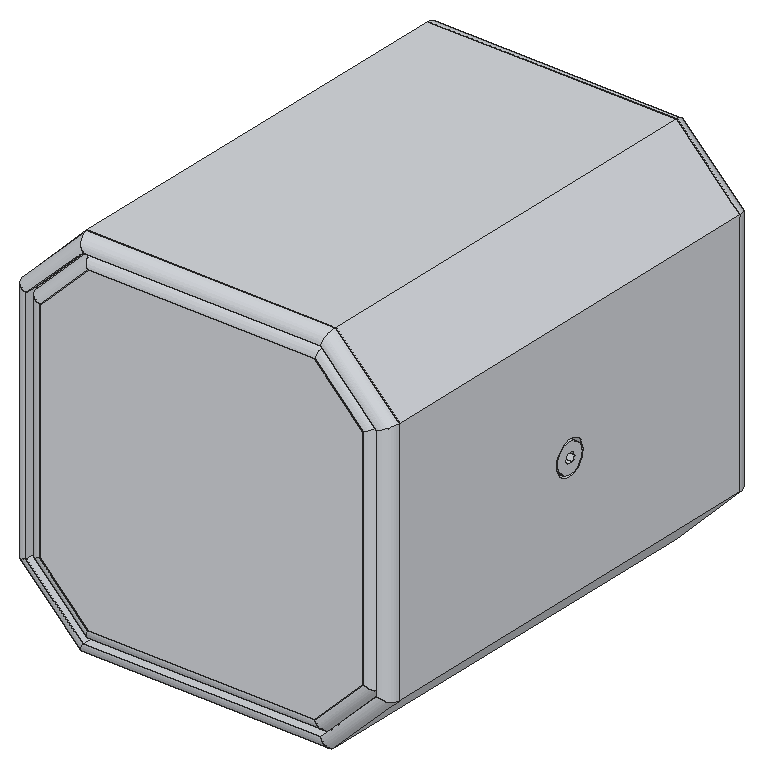
Revit family "1 SOUND_Cannon Series Freestanding", category Communication Devices, Revit 2020
Family settings
  Maintain Annotation Orientation = No
  Round Connector Dimension = Use Diameter
  Part Type = Normal
  Work Plane-Based = Yes
  Always vertical = No
  Cut with Voids When Loaded = No
  Shared = No
  Room Calculation Point = No
Parameters (values of type "C4i")
  Weight = "5.1 lb / 2.3 kg"
  URL = "https://www.1-sound.com/cannon-coaxials"
  Speaker Model = 1 SOUND_Cannon_C4i : C4i
  Speaker Mesh Finish [instance] = none
  Speaker Box Finish [instance] = none
  Rigging = "(4) M6 points"  # constant formula
  Power = "200 watts (continuous), 100 watts (AES)"
  Model = "C4i"
  Manufacturer = "1 SOUND"  # constant formula
  Impedance = "8Ω"
  Dimensions (HxWxD) = "5.9” (150 mm) x 5.9” (150 mm) x 7” (180 mm)"
  Default Elevation = 2438.4 mm  # constant formula
  Construction = "Finland birch plywood (phenolic glue), polyurea, clear matte salt and UV resistant coating, 316 stainless steel hardware, 3D spacer mesh fabric"  # constant formula
  Connectors = "(1) screw terminal block with input +/- and loop +/-"
  Category = "Speaker"  # constant formula
  Bandwidth = "100 Hz - 18 kHz (-6 dB)"
Types (5, lengths in mm): name | Weight | Speaker Model | Power | Model | Impedance | Dimensions (HxWxD) | Connectors | Bandwidth
  C4i | "5.1 lb / 2.3 kg" | 1 SOUND_Cannon_C4i : C4i | "200 watts (continuous), 100 watts (AES)" | "C4i" | "8Ω" | "5.9” (150 mm) x 5.9” (150 mm) x 7” (180 mm)" | "(1) screw terminal block with input +/- and loop +/-" | "100 Hz - 18 kHz (-6 dB)"
  C5i | "9.4 lb / 4.3 kg" | 1 SOUND_Cannon_C5 : C5i | "240 watts (continuous), 120 watts (AES)" | "C5i" | "16Ω" | "7.5” (190 mm) x 7.5” (190 mm) x 8.2” (208 mm)" | "(1) screw terminal block with input +/- and loop +/-" | "65 Hz - 18 kHz (-6 dB)"
  C5 | "9.4 lb / 4.3 kg" | 1 SOUND_Cannon_C5 : C5 | "240 watts (continuous), 120 watts (AES)" | "C5" | "16Ω" | "7.5” (190 mm) x 7.5” (190 mm) x 8.2” (208 mm)" | "(2) NL4, 2-circuit switch" | "65 Hz - 18 kHz (-6 dB)"
  C6i | "10.6 lb / 4.8 kg" | 1 SOUND_Cannon_C6 : C6i | "240 watts (continuous), 120 watts (AES)" | "C6i" | "16Ω" | "8.5” (216 mm) x 8.5” (216 mm) x 8.2” (208 mm)" | "(1) screw terminal block with input +/- and loop +/-" | "60 Hz - 18 kHz (-6 dB)"
  C6 | "10.6 lb / 4.8 kg" | 1 SOUND_Cannon_C6 : C6 | "240 watts (continuous), 120 watts (AES)" | "C6" | "16Ω" | "8.5” (216 mm) x 8.5” (216 mm) x 8.2” (208 mm)" | "(2) NL4, 2-circuit switch" | "60 Hz - 18 kHz (-6 dB)"
Reference planes
  plane 1 "Center (Front/Back)": y = 0
  plane 2: z = 0
  plane 3 "Center (Left/Right)": x = -8.925
Dimensions and locks
  aligned and locked: plane 2 to level
  aligned and locked: nested 1 to plane 1 "Center (Front/Back)"
Nested families
  nested 1: "1 SOUND_Cannon_C4i" at (0, -90, 0), type <- "Speaker Model", Speaker Box Finish <- "Speaker Box Finish", Speaker Mesh Finish <- "Speaker Mesh Finish", type "C4i"
    with Speaker Mesh Finish none, Speaker Box Finish none, Origin Plane 75 mm, Origin Is Centered no
  nested 2: "1 SOUND_Cannon_C-Clamp Screw" at (66.075, 8.925, 75) x (0, 1, 0) z (0, 0, 1), type "C-Clamp Screw"
  nested 3: "1 SOUND_Cannon_C-Clamp Screw" at (-83.925, 8.925, 75) x (0, 1, 0) z (0, 0, 1), type "C-Clamp Screw"
Definition of nested family "1 SOUND_Cannon_C4i"
  Parameters (values of type "Cannon C4i")
    Width - Rear Grille = 120 mm
    Width - Overall = 150 mm
    Weight = "5.1 lb / 2.3 kg"
    URL = "https://www.1-sound.com/cannon-coaxials"
    Speaker Mesh Finish [instance] = none
    Speaker Box Finish [instance] = none
    Rigging = "(4) M6 points"  # constant formula
    Power = "200 watts (continuous), 100 watts (AES)"
    Origin Plane [instance] = if(Origin Is Centered, 0 mm, (Height Overall / 2))  # 75 mm
    Origin Is Centered [instance] = no
    Model = "C4i"
    Manufacturer = "1 Sound"  # constant formula
    Impedance = "8Ω"
    Height Overall = 150 mm
    Dimensions (HxWxD) = "5.9” (150 mm) x 5.9” (150 mm) x 7” (180 mm)"
    Depth - Overall = 180 mm
    Default Elevation = 1219.2 mm
    Construction = "Finland birch plywood (phenolic glue), polyurea, clear matte salt and UV resistant coating, 316 stainless steel hardware, 3D spacer mesh fabric"  # constant formula
    Connectors = "(1) screw terminal block with input +/- and loop +/-"
    Bandwidth = "100 Hz - 18 kHz (-6 dB)"
  Reference planes
    plane 1 "Center (Front/Back)": y = 0
    plane 2: z = 0
    plane 3 "Center (Left/Right)": x = -8.925
    plane 4 "Speaker Depth": y = 180
    plane 5: z = 150
    plane 6: x = 66.075
    plane 7: x = -83.925
    plane 8: z = 75
    plane 9: y = 90
    plane 10: x = -46.673
    plane 11: through (66.075, 0, 25.428) normal (-0.7071, 0, 0.7071)
    plane 12: through (-83.925, 0, 25.428) normal (-0.7071, 0, -0.7071)
    plane 13: through (66.075, 0, 124.572) normal (0.7071, 0, 0.7071)
    plane 14: through (-83.925, 0, 124.572) normal (0.7071, 0, -0.7071)
    plane 15: z = 0
  Forms (mm)
    Sweep 1, solid, material <- "Speaker Box Finish"
      path origin (0, 0, 107) x (1, 0, 0) y (0, 0, 1)
        loop
          line (-56.426, 38) -> (-78.925, 15.501) -> (-78.925, -79.501) -> (-56.426, -102) -> (38.576, -102) -> (61.075, -79.501) -> (61.075, 15.501) -> (38.576, 38) -> (-56.426, 38)
      profile origin (-8.925, 0, 145) x (0, 0, 1) y (0, -1, 0)
        loop
          arc (5, -5) -> (3.536, -1.464) -> (0, 0) r 5
          line (0, 0) -> (0, -5) -> (5, -5)
    Sweep 2, solid, material <- "Speaker Mesh Finish"
      path origin (761.008, 109, -738.704) x (1, 0, 0) y (0, 0, -1)
        loop
          line (-724.71, -878.204) -> (-705.433, -858.927) -> (-705.433, -768.481) -> (-724.71, -749.204) -> (-815.156, -749.204) -> (-834.433, -768.481) -> (-834.433, -858.927) -> (-815.156, -878.204) -> (-724.71, -878.204)
      profile origin (-8.925, 109, 139.5) x (0, 0, 1) y (0, 1, 0)
        loop
          line (5, -104) -> (0, -104) -> (0, -109)
          arc (0, -109) -> (3.536, -107.536) -> (5, -104) r 5
    Sweep 3, solid, material <- "Speaker Box Finish"
      path origin (0, 180, 107) x (-1, 0, 0) y (0, 0, 1)
        loop
          line (56.426, 38) -> (-38.576, 38) -> (-61.075, 15.501) -> (-61.075, -79.501) -> (-38.576, -102) -> (56.426, -102) -> (78.925, -79.501) -> (78.925, 15.501) -> (56.426, 38)
      profile origin (-8.925, 180, 145) x (0, 0, -1) y (0, 1, 0)
        loop
          line (-5, -5) -> (0, -5) -> (0, 0)
          arc (0, 0) -> (-3.536, -1.464) -> (-5, -5) r 5
    Extrusion 4, solid, material <- "Speaker Box Finish"
      sketch origin (0, 0, -151793) x (1, 0, 0) y (0, 0, 1)
        loop
          line (40.647, 151943) -> (-58.497, 151943) -> (-83.925, 151917.572) -> (-83.925, 151818.428) -> (-58.497, 151793) -> (40.647, 151793) -> (66.075, 151818.428) -> (66.075, 151917.572) -> (40.647, 151943)
      from -175.02 to -5
    Extrusion 5, solid, material <- "Speaker Mesh Finish"
      sketch origin (0, 0, 0) x (1, 0, 0) y (0, 0, 1)
        loop
          line (-73.425, 120.223) -> (-73.425, 29.777) -> (-54.148, 10.5) -> (36.298, 10.5) -> (55.575, 29.777) -> (55.575, 120.223) -> (36.298, 139.5) -> (-54.148, 139.5) -> (-73.425, 120.223)
      from 0 to -5
    Extrusion 6, void
      sketch origin (0, 5, 0) x (1, 0, 0) y (0, 0, 1)
        loop
          line (-78.925, 122.501) -> (-78.925, 27.499) -> (-56.426, 5) -> (38.576, 5) -> (61.075, 27.499) -> (61.075, 122.501) -> (38.576, 145) -> (-56.426, 145) -> (-78.925, 122.501)
      from 0 to -5
    Extrusion 7, solid
      sketch origin (0, 5, 0) x (1, 0, 0) y (0, 0, 1)
        loop
          line (-78.925, 122.501) -> (-78.925, 27.499) -> (-56.426, 5) -> (38.576, 5) -> (61.075, 27.499) -> (61.075, 122.501) -> (38.576, 145) -> (-56.426, 145) -> (-78.925, 122.501)
      from 0 to -5
    Sweep 8, solid, material <- "Speaker Mesh Finish"
      path origin (0, 180, 0) x (-1, 0, 0) y (0, 0, 1)
        loop
          line (46.673, 139.5) -> (-36.298, 139.5) -> (-55.575, 120.223) -> (-55.575, 29.777) -> (-36.298, 10.5) -> (46.673, 10.5) -> (46.673, 139.5)
      profile origin (-5.187, 180, 139.5) x (0, 0, -1) y (0, 1, 0)
        loop
          line (-4.999, -5) -> (0.001, -5) -> (0.001, 0)
          arc (0.001, 0) -> (-3.535, -1.464) -> (-4.999, -5) r 5
    Extrusion 9, solid, material <- "Speaker Mesh Finish"
      sketch origin (0, 180, 0) x (-1, 0, 0) y (0, 0, 1)
        loop
          line (-36.298, 139.499) -> (-55.574, 120.223) -> (-55.574, 29.777) -> (-36.298, 10.501) -> (46.672, 10.501) -> (46.672, 139.499) -> (-36.298, 139.499)
      from -4.98 to 0
    Extrusion 10, void
      sketch origin (0, 180, 0) x (-1, 0, 0) y (0, 0, 1)
        loop
          line (-38.369, 144.499) -> (-60.574, 122.294) -> (-60.574, 27.706) -> (-38.369, 5.501) -> (51.672, 5.501) -> (51.672, 144.499) -> (-38.369, 144.499)
      from -9.96 to -4.98
    Extrusion 11, solid
      sketch origin (0, 180, 0) x (-1, 0, 0) y (0, 0, 1)
        loop
          line (51.672, 144.499) -> (-38.369, 144.499) -> (-60.574, 122.294) -> (-60.574, 27.706) -> (-38.369, 5.501) -> (51.672, 5.501) -> (51.672, 144.499)
      from -9.96 to -4.98
    Extrusion 12, void
      sketch origin (-8.925, 0, 0) x (0, 1, 0) y (0, 0, 1)
        loop
          circle (90, 75) r 6.855
      from -152.596 to 138.234
  Cuts and joins
    Extrusion 6, Extrusion 10, Extrusion 12 cuts Extrusion 4
  Dimensions and locks
    "Depth - Overall": plane 1 "Center (Front/Back)" to plane 4 "Speaker Depth"
    "Height Overall": plane 5 to plane 2
    equal spacing: plane 6, plane 3 "Center (Left/Right)", plane 7
    "Width - Overall": plane 6 to plane 7
    Sweep 1 sketch curve to plane 5 = 5 mm
    Extrusion 4 to Sweep 1 sketch curve = 5 mm  (x4)
    Sweep 1 sketch curve to plane 7 = 5 mm
    Sweep 1 sketch curve to level = 5 mm
    Sweep 1 sketch curve to plane 6 = 5 mm
    Sweep 3 sketch curve to plane 5 = 5 mm
    Extrusion 4 to Sweep 3 sketch curve = 5 mm  (x4)
    equal spacing: plane 6, Sweep 3 sketch curve, Sweep 3 sketch curve
    equal spacing: level, Sweep 3 sketch curve, Sweep 3 sketch curve
    plane 7 to Sweep 3 sketch curve = 5 mm
    Sweep 2 sketch curve to level = 10.5 mm
    Extrusion 4 to Sweep 2 sketch curve = 10.5 mm  (x5)
    Sweep 2 sketch curve to plane 5 = 10.5 mm
    Sweep 2 sketch curve to plane 6 = 10.5 mm
    equal spacing: plane 5, plane 8, level
    equal spacing: plane 1 "Center (Front/Back)", plane 9, plane 4 "Speaker Depth"
    "Origin Plane": plane 15 to plane 8
    aligned and locked: plane 2 to level
    aligned and locked: plane 4 "Speaker Depth" to Sweep 3
    aligned and locked: plane 1 "Center (Front/Back)" to Sweep 2
    aligned and locked: plane 7 to Extrusion 4 sketch curve
    aligned and locked: plane 5 to Extrusion 4 sketch curve
    aligned and locked: plane 6 to Extrusion 4 sketch curve
    aligned and locked: Extrusion 4 sketch curve to level
    aligned and locked: Extrusion 5 sketch curve to Sweep 2  (x8)
    aligned and locked: Sweep 1 to Extrusion 6 sketch curve
    aligned and locked: Extrusion 6 sketch curve to Sweep 1  (x7)
    aligned and locked: Extrusion 5 to Sweep 8 sketch curve
    aligned and locked: Sweep 8 sketch curve to Extrusion 5  (x4)
    aligned and locked: Extrusion 9 sketch curve to Sweep 8  (x6)
    aligned and locked: plane 4 "Speaker Depth" to Extrusion 9
    aligned and locked: Extrusion 10 sketch curve to Sweep 8  (x6)
    aligned and locked: Extrusion 11 sketch curve to cut or joined group of Extrusion 4, Extrusion 6, Extrusion 10, Extrusion 12  (x6)
    aligned and locked: nested 2 to plane 8
    aligned and locked: Extrusion 12 sketch curve to nested 2  (x2)
    aligned and locked: plane 9 to nested 2
    aligned and locked: plane 6 to nested 2
    aligned and locked: nested 3 to plane 9
    aligned and locked: plane 8 to nested 3
    aligned and locked: plane 7 to nested 3
    aligned and locked: nested 1 to plane 8
    aligned and locked: cut or joined group of Extrusion 4, Extrusion 6, Extrusion 10, Extrusion 12 to plane 11
    aligned and locked: cut or joined group of Extrusion 4, Extrusion 6, Extrusion 10, Extrusion 12 to plane 13
    aligned and locked: cut or joined group of Extrusion 4, Extrusion 6, Extrusion 10, Extrusion 12 to plane 14
    aligned and locked: cut or joined group of Extrusion 4, Extrusion 6, Extrusion 10, Extrusion 12 to plane 12
    aligned and locked: plane 10 to Sweep 8 sketch curve
    aligned and locked: Extrusion 7 sketch curve to Sweep 1  (x4)
  Automatic sketch dimensions
    profile plane to Sweep 1 sketch curve = 0 mm
    Sweep 1 sketch curve to plane 1 "Center (Front/Back)" = 0 mm
    Sweep 1 sketch curve to plane 1 "Center (Front/Back)" = 5 mm
    profile plane to Sweep 2 sketch curve = 0 mm
    Sweep 2 sketch curve to Sweep 2 sketch curve = 5 mm
    Sweep 2 sketch curve to profile plane = 109 mm
    Sweep 3 sketch curve to plane 6 = 5 mm
    level to Sweep 3 sketch curve = 5 mm
    Sweep 3 sketch curve to plane 4 "Speaker Depth" = 0 mm
    Sweep 3 sketch curve to profile plane = 0 mm
    Sweep 3 sketch curve to Sweep 3 sketch curve = 5 mm
    Extrusion 4 sketch curve to plane 6 = 25.428 mm  (x2)
    level to Extrusion 4 sketch curve = 25.428 mm  (x2)
    Extrusion 4 sketch curve to plane 5 = 25.428 mm  (x2)
    plane 7 to Extrusion 7 sketch curve = 5 mm
    Extrusion 7 sketch curve to plane 5 = 5 mm
    level to Extrusion 7 sketch curve = 5 mm
    Extrusion 7 sketch curve to plane 6 = 5 mm
    Sweep 8 sketch curve to plane 4 "Speaker Depth" = 0 mm
    profile plane to Sweep 8 sketch curve = 4.999 mm
    Sweep 8 sketch curve to profile plane = 0.001 mm
    Extrusion 4 sketch curve to plane 14 = 0 mm
    Extrusion 4 sketch curve to plane 12 = 0 mm
  Nested families
    nested 1: "1 Sound_Speaker_Cannon_Connections_NL4_Non-Face Based" at (26.685, 176.02, -32), type "1 Sound_Speaker_Cannon_Connections_NL4_Non-Face Based", not visible
      with Connector - NL4 no
    nested 2: "1 SOUND_Cannon_C-Clamp Screw" at (66.075, 98.925, 75) x (0, 1, 0) z (0, 0, 1), type "C-Clamp Screw"
    nested 3: "1 SOUND_Cannon_C-Clamp Screw" at (-83.925, 98.925, 75) x (0, 1, 0) z (0, 0, 1), type "C-Clamp Screw"
    nested 4: "1 Sound_Speaker_Cannon_Connections_Screw Terminal Block_Non-Face Based" at (28.007, 175.52, -54.535), type "1 Sound_Speaker_Cannon_Connections_Screw Terminal Block_Non-Face Based"
      with Connector - Screw Terminal Block yes
  Definition of nested family "1 SOUND_Cannon_C-Clamp Screw"
    Parameters (values of type "1 Sound_Hardware_C-Clamp Screw_Non-Face Based")
      Weight = ""
      Rigging = ""
      Power = ""
      Impedance = ""
      Dimensions (HxWxD) = ""
      Default Elevation = 1219.2 mm
      Construction = ""
      Connectors = ""
      Bandwidth = ""
    Reference planes
      plane 1 "Center (Front/Back)": y = 0
      plane 2: z = 0
      plane 3 "Center (Left/Right)": x = -8.925
    Forms (mm)
      Extrusion 1, solid
        sketch origin (-379.453, 0, -3.595) x (1, 0, 0) y (0, 0, 1)
          loop
            circle (370.528, 3.595) r 5.85
        from 0 to -7
      Extrusion 2, void
        sketch origin (-379.453, 0, -3.595) x (1, 0, 0) y (0, 0, 1)
          loop
            line (371.936, 1.764) -> (372.818, 3.899) -> (371.41, 5.73) -> (369.121, 5.426) -> (368.239, 3.292) -> (369.646, 1.461) -> (371.936, 1.764)
        from 0 to -3
    Cuts and joins
      Extrusion 2 cuts Extrusion 1
    Lines and regions (mm)
      reference lines
        curve 1: line (-8.925, 0, 13.636) -> (-8.925, 0, -16.364)
        curve 2: line (10.534, 0, 0) -> (-29.957, 0, 0)
      model lines
        curve 3: arc (-2.07, 0, 0) -> (-8.925, 0, 6.855) -> (-15.78, 0, 0) r 6.855
        curve 4: arc (-15.78, 0, 0) -> (-8.925, 0, -6.855) -> (-2.07, 0, 0) r 6.855
    Dimensions and locks
      aligned and locked: plane 2 to level
  Definition of nested family "1 Sound_Speaker_Cannon_Connections_Screw Terminal Block_Non-Face Based"
    Parameters (values of type "1 Sound_Speaker_Cannon_Connections_Screw Terminal Block_Non-Face Based")
      Default Elevation = 1219.2 mm
      Connector - Screw Terminal Block [instance] = yes
    Reference planes
      plane 1 "Center (Front/Back)": y = 0
      plane 2: z = 0
      plane 3 "Center (Left/Right)": x = -8.925
    Forms (mm)
      Extrusion 1, solid, visible <- "Connector - Screw Terminal Block"
        sketch origin (-9.277, -1.542, 68.918) x (-1, 0, 0) y (0, 0, 1)
          loop
            circle (79.148, 110.582) r 4.59
        from 1.842 to 1.042
      Extrusion 2, void
        sketch origin (-9.277, 1.246, 68.918) x (-1, 0, 0) y (0, 0, 1)
          loop
            line (77.898, 111.303) -> (77.898, 109.86) -> (79.148, 109.138) -> (80.398, 109.86) -> (80.398, 111.303) -> (79.148, 112.025) -> (77.898, 111.303)
        from -1.246 to -0.429
      Extrusion 3, solid, visible <- "Connector - Screw Terminal Block"
        sketch origin (-12.95, -1.542, 39.01) x (-1, 0, 0) y (0, 0, 1)
          loop
            circle (79.148, 110.582) r 4.59
        from 1.842 to 1.042
      Extrusion 4, void
        sketch origin (-12.95, 1.246, 39.01) x (-1, 0, 0) y (0, 0, 1)
          loop
            line (77.898, 111.303) -> (77.898, 109.86) -> (79.148, 109.138) -> (80.398, 109.86) -> (80.398, 111.303) -> (79.148, 112.025) -> (77.898, 111.303)
        from -1.246 to -0.429
      Extrusion 5, solid, visible <- "Connector - Screw Terminal Block"
        sketch origin (-9.167, -1.542, -31.013) x (-1, 0, 0) y (0, 0, 1)
          loop
            circle (79.148, 110.582) r 4.59
        from 1.842 to 1.042
      Extrusion 6, void
        sketch origin (-9.167, 1.246, -31.013) x (-1, 0, 0) y (0, 0, 1)
          loop
            line (77.898, 111.303) -> (77.898, 109.86) -> (79.148, 109.138) -> (80.398, 109.86) -> (80.398, 111.303) -> (79.148, 112.025) -> (77.898, 111.303)
        from -1.246 to -0.429
      Extrusion 7, solid, visible <- "Connector - Screw Terminal Block"
        sketch origin (-6.51, -1.542, -14.236) x (-1, 0, 0) y (0, 0, 1)
          loop
            line (81.822, 146.615) -> (81.822, 110.815) -> (95.022, 110.815) -> (95.022, 146.615) -> (81.822, 146.615)
        from 2.5 to 1.042
      Extrusion 8, solid, visible <- "Connector - Screw Terminal Block"
        sketch origin (-6.51, -1.542, -14.236) x (-1, 0, 0) y (0, 0, 1)
          loop
            line (82.922, 103.915) -> (93.922, 103.915)
            arc (93.922, 103.915) -> (94.276, 104.062) -> (94.422, 104.415) r 0.5
            line (94.422, 104.415) -> (94.422, 153.015)
            arc (94.422, 153.015) -> (94.276, 153.369) -> (93.922, 153.515) r 0.5
            line (93.922, 153.515) -> (82.922, 153.515)
            arc (82.922, 153.515) -> (82.569, 153.369) -> (82.422, 153.015) r 0.5
            line (82.422, 153.015) -> (82.422, 104.415)
            arc (82.422, 104.415) -> (82.569, 104.062) -> (82.922, 103.915) r 0.5
        from 1.842 to 1.042
      Extrusion 9, void
        sketch origin (-16.642, 2.046, -22.415) x (-1, 0, 0) y (0, 0, 1)
          loop
            line (79.57, 117.008) -> (78.29, 117.747) -> (77.01, 117.008) -> (77.01, 115.53) -> (78.29, 114.791) -> (79.57, 115.53) -> (79.57, 117.008)
        from -1.246 to -0.429
      Extrusion 10, solid, visible <- "Connector - Screw Terminal Block"
        sketch origin (-17.3, -0.742, -21.322) x (-1, 0, 0) y (0, 0, 1)
          loop
            circle (77.632, 115.176) r 2.6
        from 1.842 to 1.042
      Extrusion 11, void
        sketch origin (-16.642, 2.046, 251.373) x (-1, 0, 0) y (0, 0, 1)
          loop
            line (79.57, -117.008) -> (79.57, -115.53) -> (78.29, -114.791) -> (77.01, -115.53) -> (77.01, -117.008) -> (78.29, -117.747) -> (79.57, -117.008)
        from -1.246 to -0.429
      Extrusion 12, solid, visible <- "Connector - Screw Terminal Block"
        sketch origin (-17.3, -0.742, 250.28) x (-1, 0, 0) y (0, 0, 1)
          loop
            circle (77.632, -115.176) r 2.6
        from 1.842 to 1.042
    Cuts and joins
      Extrusion 2, Extrusion 4 cuts Extrusion 1
      Extrusion 4, Extrusion 6 cuts Extrusion 3
      Extrusion 6 cuts Extrusion 5
      Extrusion 9, Extrusion 11 cuts Extrusion 10
      Extrusion 11 cuts Extrusion 12
    Lines and regions (mm)
      reference lines
        curve 1: line (-88.61, 208, 231.433) -> (-88.61, 208, -23.567)
        curve 2: line (-35.611, 208, 129.535) -> (-165.611, 208, 129.535)
    Dimensions and locks
      aligned and locked: plane 2 to level
Definition of nested family "1 SOUND_Cannon_C-Clamp Screw"
  Parameters (values of type "1 Sound_Hardware_C-Clamp Screw_Non-Face Based")
    Weight = ""
    Rigging = ""
    Power = ""
    Impedance = ""
    Dimensions (HxWxD) = ""
    Default Elevation = 1219.2 mm
    Construction = ""
    Connectors = ""
    Bandwidth = ""
  Reference planes
    plane 1 "Center (Front/Back)": y = 0
    plane 2: z = 0
    plane 3 "Center (Left/Right)": x = -8.925
  Forms (mm)
    Extrusion 1, solid
      sketch origin (-379.453, 0, -3.595) x (1, 0, 0) y (0, 0, 1)
        loop
          circle (370.528, 3.595) r 5.85
      from 0 to -7
    Extrusion 2, void
      sketch origin (-379.453, 0, -3.595) x (1, 0, 0) y (0, 0, 1)
        loop
          line (371.936, 1.764) -> (372.818, 3.899) -> (371.41, 5.73) -> (369.121, 5.426) -> (368.239, 3.292) -> (369.646, 1.461) -> (371.936, 1.764)
      from 0 to -3
  Cuts and joins
    Extrusion 2 cuts Extrusion 1
  Lines and regions (mm)
    reference lines
      curve 1: line (-8.925, 0, 13.636) -> (-8.925, 0, -16.364)
      curve 2: line (10.534, 0, 0) -> (-29.957, 0, 0)
    model lines
      curve 3: arc (-2.07, 0, 0) -> (-8.925, 0, 6.855) -> (-15.78, 0, 0) r 6.855
      curve 4: arc (-15.78, 0, 0) -> (-8.925, 0, -6.855) -> (-2.07, 0, 0) r 6.855
  Dimensions and locks
    aligned and locked: plane 2 to level
